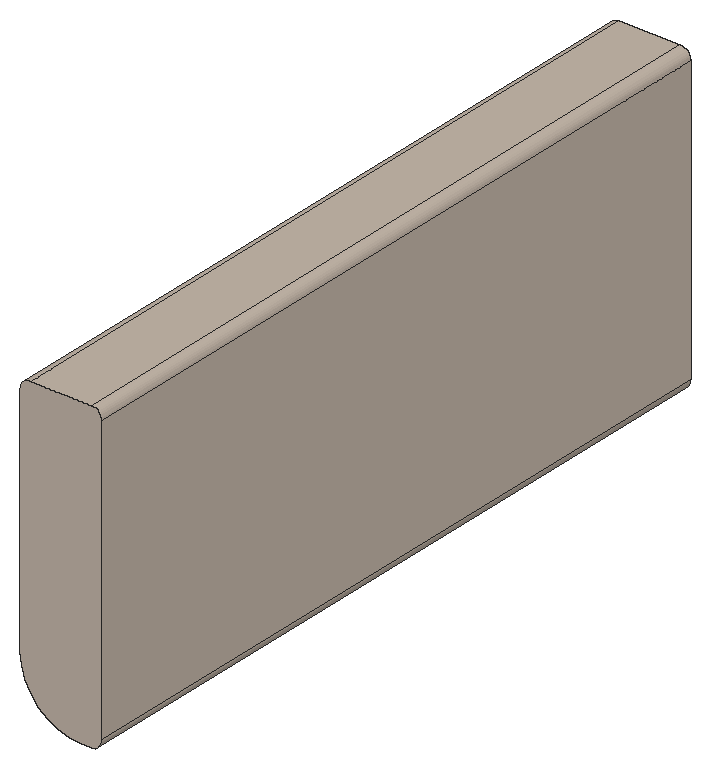
Revit family "FU_Seat_LAPSE 0300BD", category Furniture, Revit 2022
Family settings
  OmniClass Number = 23.40.20.00
  OmniClass Title = General Furniture and Specialties
  Work Plane-Based = No
  Always vertical = Yes
  Cut with Voids When Loaded = No
  Render Appearance Source = Family Geometry
  Shared = No
  Room Calculation Point = No
Parameters (values of type "LAP0300BD")
  Width = 80 mm
  URL = "https://www.sandlerseating.com/product/lapse-0300bd-2/"
  Seat [instance] = Fabric - Gravity - Wheat CPC21
  Model = "LAP0300BD"
  Manufacturer = "Sandler"
  Height = 300 mm
  Description = "Upholstered right armrest for the Lapse modular seating range."
  Depth = 720 mm
  Default Elevation = 0 mm
Reference planes
  plane 1 "Center (Front/Back)": y = 0
  plane 2: z = 0
  plane 3 "Center (Left/Right)": x = 0
  plane 4 "Right": x = -40
  plane 5 "Left": x = 40
  plane 6 "Back": y = 360
  plane 7 "Front": y = -360
  plane 8 "Height": z = 633
  plane 9 "Seat height": z = 333
Forms (mm)
  Extrusion 1, solid, material "Fabric - Gravity - Wheat CPC21" <- "Seat"
    sketch origin (0, 0, 0) x (1, 0, 0) y (0, 0, 1)
      loop
        arc (30, 333) -> (37.071, 335.929) -> (40, 343) r 10
        line (40, 343) -> (40, 623)
        arc (40, 623) -> (37.071, 630.071) -> (30, 633) r 10
        line (30, 633) -> (-30, 633)
        arc (-30, 633) -> (-37.071, 630.071) -> (-40, 623) r 10
        line (-40, 623) -> (-40, 393)
        arc (-40, 393) -> (-22.426, 350.574) -> (20, 333) r 60
        line (20, 333) -> (30, 333)
    from -360 to 360
Dimensions and locks
  equal spacing: plane 4 "Right", plane 3 "Center (Left/Right)", plane 5 "Left"
  "Width": plane 4 "Right" to plane 5 "Left"
  equal spacing: plane 6 "Back", plane 1 "Center (Front/Back)", plane 7 "Front"
  "Depth": plane 6 "Back" to plane 7 "Front"
  plane 8 "Height" to level = 633 mm
  plane 9 "Seat height" to level = 333 mm
  "Height": plane 8 "Height" to plane 9 "Seat height"
  aligned and locked: level to plane 2
  aligned and locked: Extrusion 1 to plane 7 "Front"
  aligned and locked: plane 6 "Back" to Extrusion 1
Automatic sketch dimensions
  plane 4 "Right" to Extrusion 1 sketch curve = 0 mm
  Extrusion 1 sketch curve to plane 8 "Height" = 0 mm
  Extrusion 1 sketch curve to plane 9 "Seat height" = 0 mm
  plane 5 "Left" to Extrusion 1 sketch curve = 0 mm
  Extrusion 1 sketch curve to plane 4 "Right" = 10 mm
  plane 3 "Center (Left/Right)" to Extrusion 1 sketch curve = 20 mm
  plane 5 "Left" to Extrusion 1 sketch curve = 10 mm
  Extrusion 1 sketch curve to Extrusion 1 sketch curve = 10 mm
